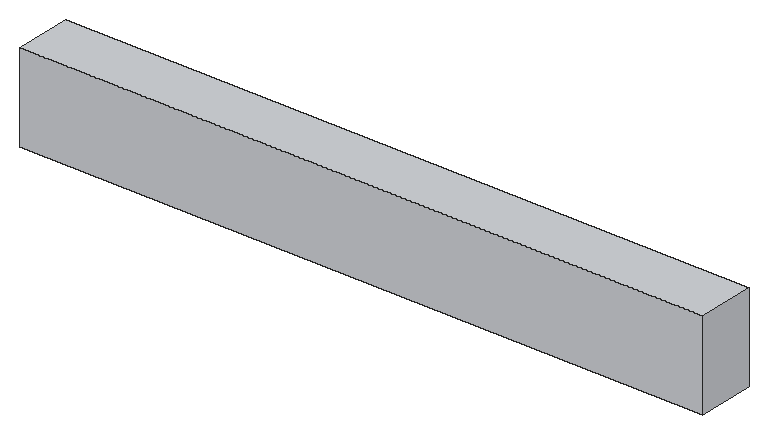
Revit family "221319_13 - Sanitary Drains - Trench Drain", category Generic Models, host Floor, Revit 2017
Family settings
  Host = Floor
  Can host rebar = No
  Round Connector Dimension = Use Diameter
  Part Type = Normal
  Always vertical = Yes
  Cut with Voids When Loaded = No
  Shared = No
  Room Calculation Point = No
Parameters (values of type "one")
  WIDTH = 0' - 4"
  MATERIAL = none
  Length [instance] = 4' - 0"
Reference planes (in)
  plane 1 "Center (Front/Back)": y = 0
  plane 2: z = 0
  plane 3 "Center (Left/Right)": x = 0
  plane 4: x = 48
  plane 5: y = 2
  plane 6: y = -2
Forms (in)
  Extrusion 1, solid, material <- "MATERIAL"
    sketch origin (0, 0, 0) x (1, 0, 0) y (0, 1, 0)
      loop
        line (0, 2) -> (0, -2) -> (48, -2) -> (48, 2) -> (0, 2)
    from 0.25 to -6
Lines and regions (in)
  symbolic lines, style "InvisibleLines"
    curve 1: line (0, 0, 0) -> (-3, 0, 0)
Dimensions and locks (in)
  equal spacing: host sketch curve, plane 1 "Center (Front/Back)", host sketch curve
  equal spacing: host sketch curve, plane 3 "Center (Left/Right)", host sketch curve
  host sketch curve to host sketch curve = 10' - 0"  (x2)
  "Length": plane 3 "Center (Left/Right)" to plane 4
  equal spacing: plane 5, plane 1 "Center (Front/Back)", plane 6
  "WIDTH": plane 5 to plane 6
  aligned and locked: level to plane 2
  aligned and locked: Extrusion 1 sketch curve to plane 5
  aligned and locked: Extrusion 1 sketch curve to plane 4
  aligned and locked: plane 6 to Extrusion 1 sketch curve
  aligned and locked: plane 3 "Center (Left/Right)" to Extrusion 1 sketch curve
Automatic sketch dimensions
  plane 1 "Center (Front/Back)" to curve 1 = 0' - 0"
  curve 1 to plane 3 "Center (Left/Right)" = 0' - 0"
  curve 1 to curve 1 = 0' - 3"
